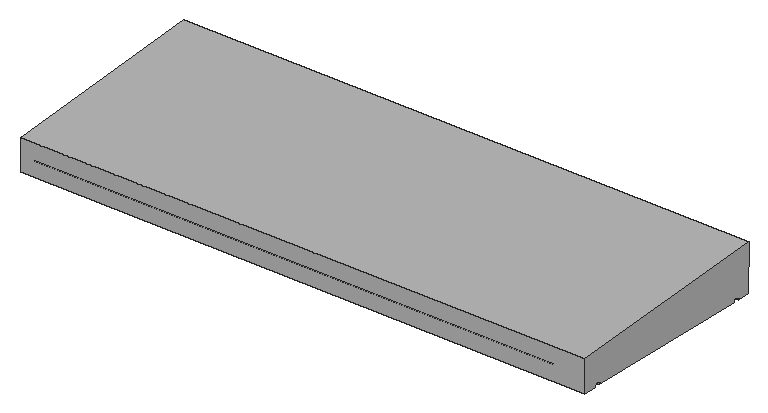
Revit family "WC423 Feather Edge", category Generic Models, Revit 2020
Family settings
  Can host rebar = No
  Round Connector Dimension = Use Diameter
  Part Type = Normal
  Work Plane-Based = No
  Always vertical = Yes
  Cut with Voids When Loaded = No
  Shared = No
  Room Calculation Point = No
Parameters
  Weight = "46Kg"
  Warranty Guarantor Parts = "n/a"
  Warranty Guarantor Labour = "n/a"
  Warranty Duration Unit = "n/a"
  Warranty Duration Parts = "n/a"
  Warranty Duration Labour = "n/a"
  Warranty Description = "n/a"
  Unit Width [instance] = 330 mm
  Unit Length [instance] = 914 mm
  Unit Height [instance] = 75 mm
  URL = "www.killeshal.com"
  Types = "Single"
  Type Comments = "Visit our website for a full list of available products."
  Sustainability Performance = "n/a"
  Structural Class = "n/a"
  Span = "Unit Length"
  Slope = "0.00°"
  Size = "330mm x 75 to 50mm"
  Shape = "As per drawing"
  Service Life = "0.000000"
  Serial Number = "n/a"
  Resistance to Fire = "n/a"
  Replacement Cost = "n/a"
  Reference = "n/a"
  Notified Body = "n/a"
  Nominal Cover to Main Bar = "n/a"
  Model = "W/C 423 Wall Cap."
  Mechanical Resistance = "n/a"
  Manufacturer = "Killeshal Precast Concrete Ltd."
  Load Bearing = no
  Life Cycle Environmental Load = "n/a"
  Length Options = "Stock size 914mm."
  Keynote = "The information contained is the sole property of KPC Ltd., any reproduction in part or whole without permission of KPC Ltd. is prohibited."
  Environmental Product Declaration = "n/a"
  Environmental Class = "n/a"
  Durability against Corrosion = "n/a"
  Dimension Accuracy Class = "n/a"
  Detailing = "As per design specification and product drawings."
  Description = "13\" Feather Edge Wall Cap"
  Default Elevation = 0 mm
  Dangerous Substances = "n/a"
  Contact Tel = "0035357 9353018"
  Contact Email = "sales@killeshal.com"
  Construction Type = "Precast"
  Construction Tolerance Class = "n/a"
  Compressive Strength of Concrete = "n/a"
  Characteristics of Reinforcing Steel = "n/a"
  Characteristics Deflection Under Load = "n/a"
Reference planes
  plane 1 "Center (Front/Back)": y = 0
  plane 2: z = 0
  plane 3 "Center (Left/Right)": x = 0
  plane 4 "Rear": y = 165
  plane 5 "Front": y = -165
  plane 6 "Top": z = 75
  plane 7 "Center L/T": z = 50
Forms (mm)
  Extrusion 1, solid, material "Precast Concrete (KPC)"
    sketch origin (0, 0, 0) x (0, 1, 0) y (0, 0, 1)
      loop
        line (-165, 50) -> (-165, 0) -> (-145, 0)
        arc (-145, 0) -> (-140, 5) -> (-135, 0) r 5
        line (-135, 0) -> (135, 0)
        arc (135, 0) -> (140, 5) -> (145, 0) r 5
        line (145, 0) -> (165, 0) -> (165, 75) -> (-165, 50)
    from 0 to 914
Dimensions and locks
  "Unit Length": Extrusion 1 to Extrusion 1
  "Unit Width": Extrusion 1 to Extrusion 1
  plane 7 "Center L/T" to Extrusion 1 = 50 mm
  "Unit Height": plane 6 "Top" to Extrusion 1
  aligned and locked: level to plane 2
Automatic sketch dimensions
  Extrusion 1 sketch curve to plane 5 "Front" = 0 mm
  Extrusion 1 sketch curve to level = 0 mm
  Extrusion 1 sketch curve to plane 4 "Rear" = 0 mm
  Extrusion 1 sketch curve to plane 7 "Center L/T" = 0 mm
  Extrusion 1 sketch curve to plane 6 "Top" = 0 mm
  plane 5 "Front" to Extrusion 1 sketch curve = 20 mm
  Extrusion 1 sketch curve to Extrusion 1 sketch curve = 5 mm  (x2)
  Extrusion 1 sketch curve to Extrusion 1 sketch curve = 30 mm
